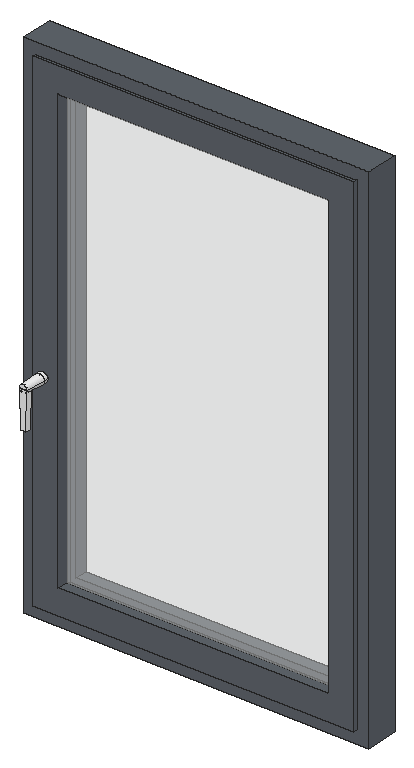
Revit family "Wicline_95_Open_in_standard_single_casement", category Windows, host Wall, Revit 2014
Parameters
  Youtube clip = ""
  Window Offset = 60 mm
  Weight Net (Kg) = 0
  Watertightness = "E900"
  Uniclass 2015 Name = ""
  Uniclass 2015 Code = ""
  Uniclass 2.0 Description = ""
  Uniclass 2.0 Code = ""
  Uniclass 1.4 Description = ""
  Uniclass 1.4 Code = ""
  URL = "http://www.wicona.com"
  UNSPSC Code = ""
  U-value W/m²k = "0.80 W/(m2K)"
  Technical description = ""
  Sash 1019112 = yes
  Sash 1019111 = no
  Sash 1019110 = not(or(Sash 1019111, Sash 1019112))  # no
  Resistance to wind load = "Class C5/B5"
  Repeated Opening/Closing = "Class 3 (20,000 cycles)"
  Region South America = "None"
  Region Oceania = "None"
  Region North America = "None"
  Region Middle East = "None"
  Region Europe = "AD, AL, AT, AX, BA, BE, BG, BY, CH, CS, CY, CZ, DE, DK, EE, ES, FI, FO, FR, GB, GG, GI, GR, HR, HU, IE, IM, IS, IT, JE, LI, LT, LU, LV, MC, MD, ME, MK, MT, NL, NO, PL, PT, RO, RS, RU, SE, SI, SJ, SK, SM, UA, VA, XK"
  Region Asia = "None"
  Region Antarctica = "None"
  Region Africa = "None"
  Quality Assurance = "Certified according to ISO 9001:2008"
  QR code = "http://bimobject.com/wicona/product/WICLINE_95_W"
  Product group = "Windows"
  Product family = "Windows & Doors"
  Product data url = "http://bimobject.com/wicona/product/WICLINE_95_W"
  Product certification = ""
  Product SKU = "WICLINE_95_W"
  Product Guid = "e95bb49c-67c8-4fe8-88fb-b6bba030be1f"
  Operating Forces = "Class 1"
  OmniClass Description = ""
  OmniClass Code = ""
  Nominal width = 100000
  Nominal height = 150000
  NBS Reference Description = ""
  NBS Reference Code = ""
  Model = "Wicline 95"
  Mechanical Strength = "Class 4"
  Maximum Sash Weight = "150kg as standard design, heavier weights can easily be customised"
  Material secondary = "Glass"
  Material main = "Aluminium"
  Manufacturer name = "Wicona"
  Manufacturer country = "Germany"
  Manufacturer = "Wicona"
  Leaf Width = Width - 2 * Frame Width 2  # 920.4 mm
  Leaf Material = WICONA - Aluminium - RAL7016 - Anthracite Grey - Matt
  Leaf Height = Height - 2 * Frame Width 2  # 1420.4 mm
  Installation instructions = ""
  IFC Classification = ""
  Height = 1500 mm
  Handle Material = Aluminium
  Glass Material = WICONA -  Glass
  Frame Width 2 = Frame Width - 25.2 mm  # 39.8 mm
  Frame Width = if(Frame 1019006, 85 mm, 65 mm)  # 65 mm
  Frame Thickness = 95 mm
  Frame Material = WICONA - Aluminium - RAL7016 - Anthracite Grey - Matt
  Frame 1019010 = no
  Frame 1019006 = no
  Frame 1019004 = not(or(Frame 1019006, Frame 1019010))  # yes
  Edition number = 1
  EAN code = ""
  Design country = "Germany"
  Description = "The WICLINE 95 window system meets the highest energy efficiency standards with a frame depth of only 95 mm and a slim sightline of only 125 mm. The Thermo Frame insulation zone for WICLINE 95 is located inside the rebate area of the window and can be fabricated and installed quickly and easily through an intelligent clamping system. This feature allows adjustment of the Uf-value as required for the building. The main components of the WICLINE 65 and 75 series are used for WICLINE 95 in line with the WICONA Unysis principle to simplify ordering and minimize stock keeping. The new ETC Intelligence® thermal break zone through its intelligent material mix achieves passive house class phB and removes the need for foam inserts in the sash or frame profile."
  Default Sill Height = 800 mm
  Wall Closure = By host
  Width = 1000 mm
  Date of publishing = "3/14/2015"
  COBIe Type Category = ""
  BIMobject category = ""
  Analytic Construction = "<None>"
  Air Permeability = "Class 5"
  Acoustic = "Rw (C;Ctr) = 47 (-1;-4) dB"
Reference planes
  plane 1 "Center (Front/Back)": y = 0
  plane 2 "Center (Left/Right)": x = 0
  plane 3 "Left": x = -500
  plane 4 "Right": x = 500
  plane 5 "Sill": z = 800
  plane 6 "Head": z = 2300
  plane 7 "Exterior": y = 100
  plane 8 "Interior": y = -100
  plane 9 "alap": y = 40
  plane 10: y = -55
  plane 11: x = -460.2
  plane 12: x = -435
  plane 13: z = 2260.2
  plane 14: x = 435
Forms (mm)
  Sweep 1, solid, material "WICONA - Aluminium - RAL7016 - Anthracite Grey - Matt" <- "Frame Material", detail levels medium+fine
    path in 3D
      loop
        line (-500, -100, 2300) -> (500, -100, 2300) -> (500, -100, 800) -> (-500, -100, 800) -> (-500, -100, 2300)
    profile origin (-500, -100, 1550) x (0, -1, 0) y (1, 0, 0)
      loop
        line (-140, 0) -> (-45, 0) -> (-45, 39.8) -> (-135.5, 39.8) -> (-135.5, 65) -> (-140, 65) -> (-140, 0)
Lines and regions (mm)
  Opening 1
    outline origin (3500, -100, 0) x (1, 0, 0) y (0, 0, 1)
      loop
        line (-3000, 800) -> (-3000, 2300) -> (-4000, 2300) -> (-4000, 800) -> (-3000, 800)
  sketch lines
    curve 1: line (-500, -100, 800) -> (-500, -100, 2300)
    curve 2: line (-500, -100, 2300) -> (500, -100, 2300)
    curve 3: line (500, -100, 2300) -> (500, -100, 800)
    curve 4: line (500, -100, 800) -> (-500, -100, 800)
  symbolic lines, style "Windows", detail levels coarse
    curve 5: line (-435, 100, 0) -> (-435, -100, 0)
    curve 6: line (435, 100, 0) -> (435, -100, 0)
    curve 7: line (-435, -55, 0) -> (435, -55, 0)
    curve 8: line (-435, 40, 0) -> (435, 40, 0)
Text (mm)
  text "EXTERIOR" at (-1963.203, 1332.353, 0), in view "Ref. Level"
  text "INTERIOR" at (-1981.466, -818.386, 0), in view "Ref. Level"
  text "Exterior" at (0, 923.751, 2943.296), in view "Right"
  text "Exterior" at (0, 1040.484, 2685.409), in view "Left"
Dimensions and locks
  equal spacing: plane 3 "Left", plane 2 "Center (Left/Right)", plane 4 "Right"
  "Width": plane 3 "Left" to plane 4 "Right"
  "Height": plane 5 "Sill" to plane 6 "Head"
  "Default Sill Height": plane 5 "Sill" to level
  locked: plane 7 "Exterior" to host wall at 0
  locked: plane 8 "Interior" to host wall
  "Frame Thickness": plane 9 "alap" to plane 10
  "Frame Width": plane 3 "Left" to plane 12
  "Frame Width 2": plane 3 "Left" to plane 11
  "Window Offset": host wall to plane 9 "alap"
  "Frame Width": plane 14 to plane 4 "Right"
  "Frame Width 2": plane 13 to plane 6 "Head"
  aligned and locked: profile plane to Sweep 1 sketch curve
  aligned and locked: Sweep 1 sketch curve to plane 11
  aligned and locked: Sweep 1 sketch curve to plane 12
  aligned and locked: Sweep 1 sketch curve to plane 9 "alap"
  aligned and locked: plane 10 to Sweep 1 sketch curve
  aligned and locked: plane 14 to curve 7
  aligned and locked: curve 7 to plane 10
  aligned and locked: plane 14 to curve 8
  aligned and locked: curve 8 to plane 9 "alap"
  aligned and locked: nested 1 to plane 9 "alap"
  aligned and locked: nested 1 to plane 3 "Left"
  aligned and locked: nested 2 to plane 4 "Right"
  aligned and locked: plane 9 "alap" to nested 2
  aligned and locked: nested 3 to plane 9 "alap"
  aligned and locked: nested 3 to plane 3 "Left"
  aligned and locked: curve 5 to plane 12
  aligned and locked: nested 4 to plane 4 "Right"
  aligned and locked: plane 9 "alap" to nested 4
  aligned and locked: nested 5 to plane 9 "alap"
  aligned and locked: nested 5 to plane 3 "Left"
  aligned and locked: nested 6 to plane 4 "Right"
  aligned and locked: plane 9 "alap" to nested 6
  aligned and locked: plane 9 "alap" to nested 8
  aligned and locked: nested 8 to plane 6 "Head"
  aligned and locked: nested 7 to plane 5 "Sill"
  aligned and locked: nested 7 to plane 9 "alap"
  aligned and locked: nested 9 to plane 9 "alap"
  aligned and locked: nested 9 to plane 5 "Sill"
  aligned and locked: nested 11 to plane 9 "alap"
  aligned and locked: nested 11 to plane 5 "Sill"
  aligned and locked: nested 12 to plane 6 "Head"
  aligned and locked: plane 9 "alap" to nested 12
  aligned and locked: nested 10 to plane 6 "Head"
  aligned and locked: plane 9 "alap" to nested 10
  aligned and locked: nested 13 to plane 10
  aligned and locked: plane 13 to nested 13
  aligned and locked: plane 11 to nested 13
Automatic sketch dimensions
  Opening 1 sketch curve to plane 3 "Left" = 0 mm
  Opening 1 sketch curve to plane 4 "Right" = 0 mm
  Opening 1 sketch curve to plane 5 "Sill" = 0 mm
  Opening 1 sketch curve to plane 6 "Head" = 0 mm
  host wall to curve 5 = 0 mm
  host wall to curve 6 = 0 mm
  curve 6 to plane 14 = 0 mm
  curve 6 to host wall = 0 mm
  curve 5 to host wall = 0 mm
  Sweep 1 sketch curve to Sweep 1 sketch curve = 4.5 mm
  curve 8 to plane 12 = 0 mm
  curve 7 to plane 12 = 0 mm
Nested families
  nested 1: "Frame_1019004" at (-500, 40, 0), visible <- "Frame 1019004", type "Frame_1019004"
  nested 2: "Frame_1019004" at (500, 40, 0) x (-1, 0, 0) z (0, 0, 1), visible <- "Frame 1019004", type "Frame_1019004"
  nested 3: "Frame_1019006" at (-500, 40, 0), visible <- "Frame 1019006", type "Frame_1019006"
  nested 4: "Frame_1019006" at (500, 40, 0) x (-1, 0, 0) z (0, 0, 1), visible <- "Frame 1019006", type "Frame_1019006"
  nested 5: "Frame_1019010" at (-500, 40, 0), visible <- "Frame 1019010", type "Frame_1019010"
  nested 6: "Frame_1019010" at (500, 40, 0) x (-1, 0, 0) z (0, 0, 1), visible <- "Frame 1019010", type "Frame_1019010"
  nested 7: "Frame_1019004" at (-500, 40, 800) x (0, 0, 1) z (-1, 0, 0), visible <- "Frame 1019004", type "Frame_1019004"
  nested 8: "Frame_1019004" at (-500, 40, 2300) x (0, 0, -1) z (-1, 0, 0), visible <- "Frame 1019004", type "Frame_1019004"
  nested 9: "Frame_1019006" at (-500, 40, 800) x (0, 0, 1) z (-1, 0, 0), visible <- "Frame 1019006", type "Frame_1019006"
  nested 10: "Frame_1019006" at (-500, 40, 2300) x (0, 0, -1) z (-1, 0, 0), visible <- "Frame 1019006", type "Frame_1019006"
  nested 11: "Frame_1019010" at (-500, 40, 800) x (0, 0, 1) z (-1, 0, 0), visible <- "Frame 1019010", type "Frame_1019010"
  nested 12: "Frame_1019010" at (-500, 40, 2300) x (0, 0, -1) z (-1, 0, 0), visible <- "Frame 1019010", type "Frame_1019010"
  nested 13: "Leaf_Wicline95_vent_1019110_11_12" at (-460.2, -55, 839.8), type "Leaf_Wicline95_vent_1019110_11_12"
    with Leaf Width 920.4 mm, Leaf Height 1420.4 mm
Definition of nested family "Leaf_Wicline95_vent_1019110_11_12"
  Parameters (values of type "Leaf_Wicline95_vent_1019110_11_12")
    Sash 1019112 = yes
    Sash 1019111 = no
    Sash 1019110 = no
    Leaf Width = 904 mm
    Leaf Material = Aluminium
    Leaf Height = 1404 mm
    Internal Section Width = if(Sash 1019110, 20 mm, if(Sash 1019111, 20 mm, 10 mm))  # 10 mm
    Handle Material = Aluminium
    Glass Offset = 45 mm
    Glass Material = none
    Glass Beginning = if(Sash 1019111, 12 mm, 22 mm)  # 22 mm
    Glass 48 = or(Sash 1019111)  # no
    Glass 38 = or(Sash 1019110, Sash 1019112)  # yes
  Reference planes
    plane 1 "Center (Front/Back)": y = 0
    plane 2: z = 0
    plane 3 "Center (Left/Right)": x = 0
    plane 4: x = 904
    plane 5: z = 1404
    plane 6: x = 45
    plane 7: x = 859
    plane 8: z = 1359
    plane 9: z = 45
    plane 10: y = 95
    plane 11: x = 60
    plane 12: z = 600
    plane 13: x = 22.5
    plane 14: y = -10
    plane 15 "glass": y = 22
  Forms (mm)
    Sweep 1, solid, material "Aluminium" <- "Leaf Material"
      path origin (0, 0, 0) x (1, 0, 0) y (0, 0, 1)
        loop
          line (0, 0) -> (904, 0) -> (904, 1404) -> (0, 1404) -> (0, 0)
      profile origin (0, 0, 702) x (-1, 0, 0) y (0, -1, 0)
        loop
          line (5, 10) -> (-67.4, 10) -> (-67.4, -22) -> (-45, -22) -> (-45, -59.447) -> (-62.4, -59.447) -> (-62.4, -95) -> (-31, -95) -> (-31, -90.5) -> (-2.55, -90.5) -> (-2.55, -73.2) -> (-16.5, -73.2) -> (-16.5, 0) -> (5, 0) -> (5, 10)
    Extrusion 2, solid, material <- "Glass Material", detail levels medium+fine
      sketch origin (0, 0, 0) x (1, 0, 0) y (0, 0, 1)
        loop
          line (45, 1359) -> (45, 45) -> (859, 45) -> (859, 1359) -> (45, 1359)
      from -59.447 to -22
  Lines and regions (mm)
    symbolic lines, style "GenericModel", detail levels medium+fine
      curve 1: line (62.4, 95, 0) -> (841.6, 95, 0)
      curve 2: line (67.4, -10, 0) -> (836.6, -10, 0)
      curve 3: line (0, -10, 1359) -> (0, -10, 45)
      curve 4: line (0, 95, 1359) -> (0, 95, 45)
      curve 5: line (0, 59.447, 1359) -> (0, 59.447, 45)
  Dimensions and locks
    "Leaf Width": plane 3 "Center (Left/Right)" to plane 4
    "Leaf Height": plane 5 to level
    "Glass Offset": plane 3 "Center (Left/Right)" to plane 6
    "Glass Offset": plane 7 to plane 4
    "Glass Offset": plane 5 to plane 8
    "Glass Offset": plane 9 to level
    plane 10 to plane 1 "Center (Front/Back)" = 95 mm
    locked: plane 6 to plane 11 at 15
    equal spacing: plane 6, plane 13, plane 3 "Center (Left/Right)"
    level to plane 12 = 600 mm
    "Internal Section Width": plane 14 to plane 1 "Center (Front/Back)"
    "Glass Beginning": plane 15 "glass" to plane 1 "Center (Front/Back)"
    aligned and locked: level to plane 2
    aligned and locked: plane 8 to Extrusion 2
    aligned and locked: Extrusion 2 to plane 9
    aligned and locked: Extrusion 2 to plane 6
    aligned and locked: plane 7 to Extrusion 2
    aligned and locked: Extrusion 2 to Sweep 1  (x2)
    aligned and locked: Sweep 1 to curve 1
    aligned and locked: curve 1 to Sweep 1  (x2)
    aligned and locked: Sweep 1 to curve 2  (x2)
    aligned and locked: curve 2 to Sweep 1
    aligned and locked: plane 8 to curve 3
    aligned and locked: plane 8 to curve 4
    aligned and locked: plane 9 to curve 3
    aligned and locked: plane 9 to curve 4
    aligned and locked: Sweep 1 to curve 3
    aligned and locked: curve 4 to Sweep 1
    aligned and locked: plane 8 to curve 5
    aligned and locked: plane 9 to curve 5
    aligned and locked: curve 5 to Extrusion 2
    aligned and locked: nested 1 to plane 13
    aligned and locked: plane 12 to nested 1
    aligned and locked: plane 1 "Center (Front/Back)" to nested 2
    aligned and locked: plane 3 "Center (Left/Right)" to nested 2
    aligned and locked: nested 3 to plane 1 "Center (Front/Back)"
    aligned and locked: plane 4 to nested 3
    aligned and locked: plane 3 "Center (Left/Right)" to nested 4
    aligned and locked: plane 1 "Center (Front/Back)" to nested 4
    aligned and locked: plane 4 to nested 5
    aligned and locked: nested 5 to plane 1 "Center (Front/Back)"
    aligned and locked: plane 3 "Center (Left/Right)" to nested 6
    aligned and locked: plane 1 "Center (Front/Back)" to nested 6
    aligned and locked: plane 4 to nested 7
    aligned and locked: nested 7 to plane 1 "Center (Front/Back)"
    aligned and locked: plane 1 "Center (Front/Back)" to nested 8
    aligned and locked: nested 8 to plane 5
    aligned and locked: nested 9 to plane 2
    aligned and locked: nested 9 to plane 1 "Center (Front/Back)"
    aligned and locked: nested 10 to plane 5
    aligned and locked: plane 1 "Center (Front/Back)" to nested 10
    aligned and locked: nested 11 to plane 2
    aligned and locked: nested 11 to plane 1 "Center (Front/Back)"
    aligned and locked: nested 12 to plane 5
    aligned and locked: plane 1 "Center (Front/Back)" to nested 12
    aligned and locked: nested 13 to plane 2
    aligned and locked: nested 13 to plane 1 "Center (Front/Back)"
    aligned and locked: nested 1 to plane 14
    aligned and locked: plane 14 to Sweep 1 sketch curve
    aligned and locked: Sweep 1 sketch curve to plane 15 "glass"
    aligned and locked: plane 6 to nested 14
    aligned and locked: plane 7 to nested 14
    aligned and locked: nested 14 to plane 15 "glass"
    aligned and locked: plane 6 to nested 15
    aligned and locked: plane 7 to nested 15
    aligned and locked: nested 15 to plane 15 "glass"
    aligned and locked: nested 16 to plane 8
    aligned and locked: nested 17 to plane 8
    aligned and locked: nested 17 to plane 9
    aligned and locked: nested 16 to plane 9
    aligned and locked: plane 15 "glass" to nested 17
    aligned and locked: plane 15 "glass" to nested 16
    aligned and locked: Sweep 1 sketch curve to plane 6
  Automatic sketch dimensions
    Sweep 1 sketch curve to plane 3 "Center (Left/Right)" = 0 mm
    Sweep 1 sketch curve to level = 0 mm
    Sweep 1 sketch curve to plane 4 = 0 mm
    Sweep 1 sketch curve to plane 5 = 0 mm
    Extrusion 2 sketch curve to plane 6 = 0 mm
    Extrusion 2 sketch curve to plane 7 = 0 mm
    Extrusion 2 sketch curve to plane 9 = 0 mm
    Extrusion 2 sketch curve to plane 8 = 0 mm
    plane 1 "Center (Front/Back)" to Sweep 1 sketch curve = 0 mm
    Sweep 1 sketch curve to Sweep 1 sketch curve = 5 mm
    Sweep 1 sketch curve to Sweep 1 sketch curve = 17.4 mm
    profile plane to Sweep 1 sketch curve = 16.5 mm
    profile plane to Sweep 1 sketch curve = 2.55 mm
    Sweep 1 sketch curve to profile plane = 5 mm
    Sweep 1 sketch curve to Sweep 1 sketch curve = 37.447 mm
    Sweep 1 sketch curve to Sweep 1 sketch curve = 13.753 mm
    Sweep 1 sketch curve to Sweep 1 sketch curve = 17.3 mm
    Sweep 1 sketch curve to Sweep 1 sketch curve = 4.5 mm
    Sweep 1 sketch curve to Sweep 1 sketch curve = 14.5 mm
  Nested families
    nested 1: "Handle_75_top" at (22.5, -10, 600), type "Handle_75_top", detail levels medium+fine
    nested 2: "Sash_1019110" at (0, 0, 0), visible <- "Sash 1019110", type "Sash_1019110"
    nested 3: "Sash_1019110" at (904, 0, 0) x (-1, 0, 0) z (0, 0, 1), visible <- "Sash 1019110", type "Sash_1019110"
    nested 4: "Sash_1019111" at (0, 0, 0), visible <- "Sash 1019111", type "Sash_1019111"
    nested 5: "Sash_1019111" at (904, 0, 0) x (-1, 0, 0) z (0, 0, 1), visible <- "Sash 1019111", type "Sash_1019111"
    nested 6: "Sash_1019112" at (0, 0, 0), visible <- "Sash 1019112", type "Sash_1019112"
    nested 7: "Sash_1019112" at (904, 0, 0) x (-1, 0, 0) z (0, 0, 1), visible <- "Sash 1019112", type "Sash_1019112"
    nested 8: "Sash_1019110" at (0, 0, 1404) x (0, 0, -1) z (1, 0, 0), visible <- "Sash 1019110", type "Sash_1019110"
    nested 9: "Sash_1019110" at (0, 0, 0) x (0, 0, 1) z (1, 0, 0), visible <- "Sash 1019110", type "Sash_1019110"
    nested 10: "Sash_1019111" at (0, 0, 1404) x (0, 0, -1) z (1, 0, 0), visible <- "Sash 1019111", type "Sash_1019111"
    nested 11: "Sash_1019111" at (0, 0, 0) x (0, 0, 1) z (1, 0, 0), visible <- "Sash 1019111", type "Sash_1019111"
    nested 12: "Sash_1019112" at (0, 0, 1404) x (0, 0, -1) z (1, 0, 0), visible <- "Sash 1019112", type "Sash_1019112"
    nested 13: "Sash_1019112" at (0, 0, 0) x (0, 0, 1) z (1, 0, 0), visible <- "Sash 1019112", type "Sash_1019112"
    nested 14: "window_3_pieces_glass_line" at (45, 22, 0), visible <- "Glass 48", type "T48"
      with built-in parameter 1001306 2.6706 (stored number, unit not read)
    nested 15: "window_3_pieces_glass_line" at (45, 22, 0), visible <- "Glass 38", type "T38"
      with built-in parameter 1001306 2.6706 (stored number, unit not read)
    nested 16: "window_3_pieces_glass_line" at (0, 22, 1359) x (0, 0, -1) z (1, 0, 0), visible <- "Glass 38", type "T38"
      with built-in parameter 1001306 4.311 (stored number, unit not read)
    nested 17: "window_3_pieces_glass_line" at (0, 22, 1359) x (0, 0, -1) z (1, 0, 0), visible <- "Glass 48", type "T48"
      with built-in parameter 1001306 4.311 (stored number, unit not read)
  Definition of nested family "Handle_75_top"
    Parameters (values of type "Handle_75_top")
      Handle Material = Aluminium
    Reference planes
      plane 1 "Center (Front/Back)": y = 0
      plane 2: z = 0
      plane 3 "Center (Left/Right)": x = 0
    Forms (mm)
      Extrusion 1, solid, material "Aluminium" <- "Handle Material"
        sketch origin (0, 100.421, 16.65) x (1, 0, 0) y (0, 0, -1)
          loop
            circle (0, 16.618) r 14.3
        from -100.421 to -113.121
      Blend 2, solid, material "Aluminium" <- "Handle Material"
        base sketch origin (0, 0, 0) x (1, 0, 0) y (0, 0, 1)
          loop
            circle (0, 0) r 14.3
        top sketch origin (0, 0, 0) x (1, 0, 0) y (0, 0, 1)
          loop
            circle (0, 0) r 10.5
        from 12.7 to 69.017
      Blend 3, solid, material "Aluminium" <- "Handle Material"
        base sketch origin (0.064, 0, 0) x (1, 0, 0) y (0, 1, 0)
          loop
            line (10.349, -56.048) -> (-10.478, -56.048) -> (-10.478, -69.025) -> (10.349, -69.025) -> (10.349, -56.048)
        top sketch origin (0.064, 0, 0) x (1, 0, 0) y (0, 1, 0)
          loop
            line (6.985, -56.048) -> (-6.952, -56.048) -> (-6.952, -69.017) -> (6.985, -69.017) -> (6.985, -56.048)
        from 0 to -110
    Dimensions and locks
      aligned and locked: level to plane 2
      aligned and locked: Extrusion 1 to plane 1 "Center (Front/Back)"
  Definition of nested family "Sash_1019110"
    Reference planes
      plane 1 "Center (Front/Back)": y = 0
      plane 2: z = 0
      plane 3 "Center (Left/Right)": x = 0
      plane 4: y = 95
      plane 5: y = -20
      plane 6: x = -5
    Lines and regions (mm)
      Filled region 1, type "Concrete", in view "Ref. Level", detail levels medium
        outline origin (0, 75, 0) x (1, 0, 0) y (0, 1, 0)
          loop
            line (31, 20) -> (31, 15.5) -> (2.55, 15.5) -> (2.55, -1.8) -> (16.5, -1.8) -> (16.5, -75) -> (-5, -75) -> (-5, -95) -> (65, -95) -> (65, -52.762) -> (45, -52.762) -> (45, -15.553) -> (60, -15.553) -> (60, 20) -> (31, 20)
      detail lines, style "CENT3", in view "Ref. Level", not visible
        curve 1: line (411.053, 303.816, 0) -> (411.053, 245.816, 0)
      detail lines, style "GLAS", in view "Ref. Level", not visible
        curve 2: line (371.053, 298.816, 0) -> (411.053, 298.816, 0)
        curve 3: line (411.053, 298.816, 0) -> (411.053, 293.816, 0)
        curve 4: line (411.053, 293.816, 0) -> (371.053, 293.816, 0)
        curve 5: line (371.053, 293.816, 0) -> (371.053, 298.816, 0)
        curve 6: line (371.053, 277.816, 0) -> (411.053, 277.816, 0)
        curve 7: line (411.053, 277.816, 0) -> (411.053, 272.816, 0)
        curve 8: line (411.053, 272.816, 0) -> (371.053, 272.816, 0)
        curve 9: line (371.053, 272.816, 0) -> (371.053, 277.816, 0)
        curve 10: line (371.053, 256.816, 0) -> (411.053, 256.816, 0)
        curve 11: line (411.053, 256.816, 0) -> (411.053, 250.816, 0)
        curve 12: line (411.053, 250.816, 0) -> (371.053, 250.816, 0)
        curve 13: line (371.053, 250.816, 0) -> (371.053, 256.816, 0)
        curve 14: line (371.053, 297.816, 0) -> (411.053, 297.816, 0)
        curve 15: line (371.053, 296.816, 0) -> (411.053, 296.816, 0)
        curve 16: line (371.053, 295.816, 0) -> (411.053, 295.816, 0)
        curve 17: line (371.053, 294.816, 0) -> (411.053, 294.816, 0)
        curve 18: line (371.053, 293.816, 0) -> (411.053, 293.816, 0)
        curve 19: line (381.053, 293.816, 0) -> (381.053, 277.816, 0)
        curve 20: line (371.053, 277.816, 0) -> (411.053, 277.816, 0)
        curve 21: line (371.053, 276.816, 0) -> (411.053, 276.816, 0)
        curve 22: line (371.053, 275.816, 0) -> (411.053, 275.816, 0)
        curve 23: line (371.053, 274.816, 0) -> (411.053, 274.816, 0)
        curve 24: line (371.053, 273.816, 0) -> (411.053, 273.816, 0)
        curve 25: line (371.053, 272.816, 0) -> (411.053, 272.816, 0)
        curve 26: line (381.053, 272.816, 0) -> (381.053, 256.816, 0)
        curve 27: line (371.053, 256.816, 0) -> (411.053, 256.816, 0)
        curve 28: line (371.053, 255.816, 0) -> (411.053, 255.816, 0)
        curve 29: line (371.053, 254.816, 0) -> (411.053, 254.816, 0)
        curve 30: line (371.053, 253.816, 0) -> (411.053, 253.816, 0)
        curve 31: line (371.053, 252.816, 0) -> (411.053, 252.816, 0)
        curve 32: line (371.053, 251.816, 0) -> (411.053, 251.816, 0)
        curve 33: line (411.053, 298.816, 0) -> (371.053, 298.816, 0)
        curve 34: line (371.053, 298.816, 0) -> (371.053, 250.816, 0)
        curve 35: line (371.053, 250.816, 0) -> (411.053, 250.816, 0)
      detail lines, style "GLAS", in view "Ref. Level", not visible, detail levels fine
        curve 36: line (381.053, 293.816, 0) -> (381.053, 277.816, 0)
        curve 37: line (381.053, 272.816, 0) -> (381.053, 256.816, 0)
        curve 38: line (411.053, 298.816, 0) -> (371.053, 298.816, 0)
        curve 39: line (371.053, 298.816, 0) -> (371.053, 250.816, 0)
        curve 40: line (371.053, 250.816, 0) -> (411.053, 250.816, 0)
        curve 41: line (371.053, 298.816, 0) -> (411.053, 298.816, 0)
        curve 42: line (411.053, 250.816, 0) -> (371.053, 250.816, 0)
        curve 43: line (381.053, 256.37, 0) -> (381.053, 272.37, 0)
        curve 44: line (381.053, 277.37, 0) -> (381.053, 293.37, 0)
        curve 45: line (411.053, 251.37, 0) -> (371.053, 251.37, 0)
        curve 46: line (371.053, 251.37, 0) -> (371.053, 299.37, 0)
        curve 47: line (371.053, 299.37, 0) -> (411.053, 299.37, 0)
        curve 48: line (371.053, 251.37, 0) -> (411.053, 251.37, 0)
        curve 49: line (411.053, 299.37, 0) -> (371.053, 299.37, 0)
      model lines, style "DetailComponents", in view "Ref. Level", detail levels fine
        curve 50: line (45, 59.447, 0) -> (45, 22.238, 0)
    Dimensions and locks
      plane 6 to plane 3 "Center (Left/Right)" = 5 mm
      plane 1 "Center (Front/Back)" to plane 5 = 20 mm
      plane 4 to plane 5 = 115 mm
  Definition of nested family "Sash_1019111"
    Reference planes
      plane 1 "Center (Front/Back)": y = 0
      plane 2: z = 0
      plane 3 "Center (Left/Right)": x = 0
      plane 4: y = 95
      plane 5: y = -20
      plane 6: x = -5
    Lines and regions (mm)
      Filled region 1, type "Concrete", in view "Ref. Level", detail levels medium
        outline origin (0, 75, 0) x (1, 0, 0) y (0, 1, 0)
          loop
            line (31, 20) -> (31, 15.5) -> (2.55, 15.5) -> (2.55, -1.8) -> (16.5, -1.8) -> (16.5, -75) -> (-5, -75) -> (-5, -95) -> (65, -95) -> (65, -62.969) -> (45, -62.969) -> (45, -15.553) -> (60, -15.553) -> (60, 20) -> (31, 20)
      detail lines, style "CENT3", in view "Ref. Level", not visible
        curve 1: line (411.053, 303.816, 0) -> (411.053, 245.816, 0)
      detail lines, style "GLAS", in view "Ref. Level", not visible
        curve 2: line (371.053, 298.816, 0) -> (411.053, 298.816, 0)
        curve 3: line (411.053, 298.816, 0) -> (411.053, 293.816, 0)
        curve 4: line (411.053, 293.816, 0) -> (371.053, 293.816, 0)
        curve 5: line (371.053, 293.816, 0) -> (371.053, 298.816, 0)
        curve 6: line (371.053, 277.816, 0) -> (411.053, 277.816, 0)
        curve 7: line (411.053, 277.816, 0) -> (411.053, 272.816, 0)
        curve 8: line (411.053, 272.816, 0) -> (371.053, 272.816, 0)
        curve 9: line (371.053, 272.816, 0) -> (371.053, 277.816, 0)
        curve 10: line (371.053, 256.816, 0) -> (411.053, 256.816, 0)
        curve 11: line (411.053, 256.816, 0) -> (411.053, 250.816, 0)
        curve 12: line (411.053, 250.816, 0) -> (371.053, 250.816, 0)
        curve 13: line (371.053, 250.816, 0) -> (371.053, 256.816, 0)
        curve 14: line (371.053, 297.816, 0) -> (411.053, 297.816, 0)
        curve 15: line (371.053, 296.816, 0) -> (411.053, 296.816, 0)
        curve 16: line (371.053, 295.816, 0) -> (411.053, 295.816, 0)
        curve 17: line (371.053, 294.816, 0) -> (411.053, 294.816, 0)
        curve 18: line (371.053, 293.816, 0) -> (411.053, 293.816, 0)
        curve 19: line (381.053, 293.816, 0) -> (381.053, 277.816, 0)
        curve 20: line (371.053, 277.816, 0) -> (411.053, 277.816, 0)
        curve 21: line (371.053, 276.816, 0) -> (411.053, 276.816, 0)
        curve 22: line (371.053, 275.816, 0) -> (411.053, 275.816, 0)
        curve 23: line (371.053, 274.816, 0) -> (411.053, 274.816, 0)
        curve 24: line (371.053, 273.816, 0) -> (411.053, 273.816, 0)
        curve 25: line (371.053, 272.816, 0) -> (411.053, 272.816, 0)
        curve 26: line (381.053, 272.816, 0) -> (381.053, 256.816, 0)
        curve 27: line (371.053, 256.816, 0) -> (411.053, 256.816, 0)
        curve 28: line (371.053, 255.816, 0) -> (411.053, 255.816, 0)
        curve 29: line (371.053, 254.816, 0) -> (411.053, 254.816, 0)
        curve 30: line (371.053, 253.816, 0) -> (411.053, 253.816, 0)
        curve 31: line (371.053, 252.816, 0) -> (411.053, 252.816, 0)
        curve 32: line (371.053, 251.816, 0) -> (411.053, 251.816, 0)
        curve 33: line (411.053, 298.816, 0) -> (371.053, 298.816, 0)
        curve 34: line (371.053, 298.816, 0) -> (371.053, 250.816, 0)
        curve 35: line (371.053, 250.816, 0) -> (411.053, 250.816, 0)
      detail lines, style "GLAS", in view "Ref. Level", not visible, detail levels fine
        curve 36: line (381.053, 293.816, 0) -> (381.053, 277.816, 0)
        curve 37: line (381.053, 272.816, 0) -> (381.053, 256.816, 0)
        curve 38: line (411.053, 298.816, 0) -> (371.053, 298.816, 0)
        curve 39: line (371.053, 298.816, 0) -> (371.053, 250.816, 0)
        curve 40: line (371.053, 250.816, 0) -> (411.053, 250.816, 0)
        curve 41: line (371.053, 298.816, 0) -> (411.053, 298.816, 0)
        curve 42: line (411.053, 250.816, 0) -> (371.053, 250.816, 0)
        curve 43: line (381.053, 256.37, 0) -> (381.053, 272.37, 0)
        curve 44: line (381.053, 277.37, 0) -> (381.053, 293.37, 0)
        curve 45: line (411.053, 251.37, 0) -> (371.053, 251.37, 0)
        curve 46: line (371.053, 251.37, 0) -> (371.053, 299.37, 0)
        curve 47: line (371.053, 299.37, 0) -> (411.053, 299.37, 0)
        curve 48: line (371.053, 251.37, 0) -> (411.053, 251.37, 0)
        curve 49: line (411.053, 299.37, 0) -> (371.053, 299.37, 0)
      model lines, style "DetailComponents", in view "Ref. Level", detail levels fine
        curve 50: line (45, 59.447, 0) -> (45, 12.031, 0)
    Dimensions and locks
      plane 6 to plane 3 "Center (Left/Right)" = 5 mm
      plane 1 "Center (Front/Back)" to plane 5 = 20 mm
      plane 4 to plane 5 = 115 mm
  Definition of nested family "Sash_1019112"
    Reference planes
      plane 1 "Center (Front/Back)": y = 0
      plane 2: z = 0
      plane 3 "Center (Left/Right)": x = 0
      plane 4: y = 95
      plane 5: y = -20
      plane 6: x = -5
    Lines and regions (mm)
      Filled region 1, type "Concrete", in view "Ref. Level", detail levels medium
        outline origin (0, 75, 0) x (1, 0, 0) y (0, 1, 0)
          loop
            line (31, 20) -> (31, 15.5) -> (2.55, 15.5) -> (2.55, -1.8) -> (16.5, -1.8) -> (16.5, -75) -> (-5, -75) -> (-5, -85) -> (65, -85) -> (65, -52.974) -> (45, -52.974) -> (45, -15.553) -> (60, -15.553) -> (60, 20) -> (31, 20)
      detail lines, style "CENT3", in view "Ref. Level", not visible
        curve 1: line (411.053, 303.816, 0) -> (411.053, 245.816, 0)
      detail lines, style "GLAS", in view "Ref. Level", not visible
        curve 2: line (371.053, 298.816, 0) -> (411.053, 298.816, 0)
        curve 3: line (411.053, 298.816, 0) -> (411.053, 293.816, 0)
        curve 4: line (411.053, 293.816, 0) -> (371.053, 293.816, 0)
        curve 5: line (371.053, 293.816, 0) -> (371.053, 298.816, 0)
        curve 6: line (371.053, 277.816, 0) -> (411.053, 277.816, 0)
        curve 7: line (411.053, 277.816, 0) -> (411.053, 272.816, 0)
        curve 8: line (411.053, 272.816, 0) -> (371.053, 272.816, 0)
        curve 9: line (371.053, 272.816, 0) -> (371.053, 277.816, 0)
        curve 10: line (371.053, 256.816, 0) -> (411.053, 256.816, 0)
        curve 11: line (411.053, 256.816, 0) -> (411.053, 250.816, 0)
        curve 12: line (411.053, 250.816, 0) -> (371.053, 250.816, 0)
        curve 13: line (371.053, 250.816, 0) -> (371.053, 256.816, 0)
        curve 14: line (371.053, 297.816, 0) -> (411.053, 297.816, 0)
        curve 15: line (371.053, 296.816, 0) -> (411.053, 296.816, 0)
        curve 16: line (371.053, 295.816, 0) -> (411.053, 295.816, 0)
        curve 17: line (371.053, 294.816, 0) -> (411.053, 294.816, 0)
        curve 18: line (371.053, 293.816, 0) -> (411.053, 293.816, 0)
        curve 19: line (381.053, 293.816, 0) -> (381.053, 277.816, 0)
        curve 20: line (371.053, 277.816, 0) -> (411.053, 277.816, 0)
        curve 21: line (371.053, 276.816, 0) -> (411.053, 276.816, 0)
        curve 22: line (371.053, 275.816, 0) -> (411.053, 275.816, 0)
        curve 23: line (371.053, 274.816, 0) -> (411.053, 274.816, 0)
        curve 24: line (371.053, 273.816, 0) -> (411.053, 273.816, 0)
        curve 25: line (371.053, 272.816, 0) -> (411.053, 272.816, 0)
        curve 26: line (381.053, 272.816, 0) -> (381.053, 256.816, 0)
        curve 27: line (371.053, 256.816, 0) -> (411.053, 256.816, 0)
        curve 28: line (371.053, 255.816, 0) -> (411.053, 255.816, 0)
        curve 29: line (371.053, 254.816, 0) -> (411.053, 254.816, 0)
        curve 30: line (371.053, 253.816, 0) -> (411.053, 253.816, 0)
        curve 31: line (371.053, 252.816, 0) -> (411.053, 252.816, 0)
        curve 32: line (371.053, 251.816, 0) -> (411.053, 251.816, 0)
        curve 33: line (411.053, 298.816, 0) -> (371.053, 298.816, 0)
        curve 34: line (371.053, 298.816, 0) -> (371.053, 250.816, 0)
        curve 35: line (371.053, 250.816, 0) -> (411.053, 250.816, 0)
      detail lines, style "GLAS", in view "Ref. Level", not visible, detail levels fine
        curve 36: line (381.053, 293.816, 0) -> (381.053, 277.816, 0)
        curve 37: line (381.053, 272.816, 0) -> (381.053, 256.816, 0)
        curve 38: line (411.053, 298.816, 0) -> (371.053, 298.816, 0)
        curve 39: line (371.053, 298.816, 0) -> (371.053, 250.816, 0)
        curve 40: line (371.053, 250.816, 0) -> (411.053, 250.816, 0)
        curve 41: line (371.053, 298.816, 0) -> (411.053, 298.816, 0)
        curve 42: line (411.053, 250.816, 0) -> (371.053, 250.816, 0)
        curve 43: line (381.053, 256.37, 0) -> (381.053, 272.37, 0)
        curve 44: line (381.053, 277.37, 0) -> (381.053, 293.37, 0)
        curve 45: line (411.053, 251.37, 0) -> (371.053, 251.37, 0)
        curve 46: line (371.053, 251.37, 0) -> (371.053, 299.37, 0)
        curve 47: line (371.053, 299.37, 0) -> (411.053, 299.37, 0)
        curve 48: line (371.053, 251.37, 0) -> (411.053, 251.37, 0)
        curve 49: line (411.053, 299.37, 0) -> (371.053, 299.37, 0)
      model lines, style "DetailComponents", in view "Ref. Level", detail levels fine
        curve 50: line (45, 59.447, 0) -> (45, 22.026, 0)
    Dimensions and locks
      plane 6 to plane 3 "Center (Left/Right)" = 5 mm
      plane 1 "Center (Front/Back)" to plane 5 = 20 mm
      plane 4 to plane 5 = 115 mm
  Definition of nested family "window_3_pieces_glass_line"
    Parameters (values of type "T48")
      v2 = 2.5 mm
      v1 = 6 mm
      line = 10 mm
      built-in parameter 1001306 [instance] = 1200 mm
      Glass Thickness = 48.1 mm
    Types (2, lengths in mm): name | Glass Thickness
      T48 | 48.1
      T38 | 38
    Reference planes
      plane 1 "Center (Front/Back)": y = 0
      plane 2: z = 0
      plane 3 "Left": x = 0
      plane 4 "Right": x = 1200
      plane 5: y = 24.05
      plane 6: y = 48.1
      plane 7: y = 6
      plane 8: y = 21.55
      plane 9: y = 26.55
      plane 10: y = 42.1
      plane 11: x = 10
      plane 12: x = 1190
    Lines and regions (mm)
      reference lines, in view "Ref. Level"
        curve 1: line (0, 0, 0) -> (1200, 0, 0)
      detail lines, in view "Ref. Level", detail levels medium+fine
        curve 2: line (0, 48.1, 0) -> (1200, 48.1, 0)
        curve 3: line (0, 0, 0) -> (1200, 0, 0)
      detail lines, in view "Ref. Level", detail levels fine
        curve 4: line (0, 42.1, 0) -> (1200, 42.1, 0)
        curve 5: line (0, 26.55, 0) -> (1200, 26.55, 0)
        curve 6: line (0, 21.55, 0) -> (1200, 21.55, 0)
        curve 7: line (0, 6, 0) -> (1200, 6, 0)
      model lines, style "DetailComponents", in view "Ref. Level", detail levels fine
        curve 8: line (10, 42.1, 0) -> (10, 26.55, 0)
        curve 9: line (10, 21.55, 0) -> (10, 6, 0)
        curve 11: line (1190, 42.1, 0) -> (1190, 26.55, 0)
      model lines, style "DetailComponents", in view "Ref. Level", detail levels medium
        curve 10: line (10, 48.1, 0) -> (10, 0, 0)
      detail lines, style "DetailComponents", in view "Ref. Level", detail levels fine
        curve 12: line (1190, 21.55, 0) -> (1190, 6, 0)
      detail lines, style "DetailComponents", in view "Ref. Level", detail levels medium
        curve 13: line (1190, 48.1, 0) -> (1190, 0, 0)
      model lines, style "DetailComponents", in view "Ref. Level", detail levels medium+fine
        curve 14: line (1200, 48.1, 0) -> (1200, 0, 0)
      detail lines, style "DetailComponents", in view "Ref. Level", detail levels medium+fine
        curve 15: line (0, 48.1, 0) -> (0, 0, 0)
    Dimensions and locks
      "built-in parameter 1001306": plane 3 "Left" to plane 4 "Right"
      "Glass Thickness": plane 6 to plane 1 "Center (Front/Back)"
      equal spacing: plane 6, plane 5, plane 1 "Center (Front/Back)"
      "v1": plane 6 to plane 10
      "v1": plane 7 to plane 1 "Center (Front/Back)"
      "v2": plane 9 to plane 5
      "v2": plane 5 to plane 8
      "line": plane 3 "Left" to plane 11
      "line": plane 12 to plane 4 "Right"
      aligned and locked: plane 1 "Center (Front/Back)" to curve 1
      aligned and locked: plane 3 "Left" to curve 1
      aligned and locked: plane 4 "Right" to curve 1
      aligned and locked: plane 6 to curve 2
      aligned and locked: plane 10 to curve 4
      aligned and locked: plane 7 to curve 7
      aligned and locked: plane 8 to curve 6
      aligned and locked: plane 9 to curve 5
      aligned and locked: curve 4 to curve 8
      aligned and locked: curve 5 to curve 8
      aligned and locked: curve 8 to plane 11
      aligned and locked: curve 7 to curve 9
      aligned and locked: curve 6 to curve 9
      aligned and locked: curve 9 to plane 11
      aligned and locked: curve 3 to curve 10
      aligned and locked: curve 2 to curve 10
      aligned and locked: curve 10 to plane 11
      aligned and locked: curve 4 to curve 11
      aligned and locked: curve 5 to curve 11
      aligned and locked: curve 11 to plane 12
      aligned and locked: curve 6 to curve 12
      aligned and locked: curve 7 to curve 12
      aligned and locked: curve 12 to plane 12
      aligned and locked: curve 2 to curve 13
      aligned and locked: curve 3 to curve 13
      aligned and locked: curve 13 to plane 12
      aligned and locked: plane 1 "Center (Front/Back)" to curve 15
      aligned and locked: curve 15 to plane 3 "Left"
      aligned and locked: curve 2 to curve 14
      aligned and locked: curve 3 to curve 14
      aligned and locked: curve 14 to plane 4 "Right"
    Automatic sketch dimensions
      curve 7 to plane 4 "Right" = 0 mm
      curve 4 to plane 4 "Right" = 0 mm
      curve 3 to plane 4 "Right" = 0 mm
      curve 2 to plane 4 "Right" = 0 mm
      curve 6 to plane 4 "Right" = 0 mm
      curve 5 to plane 4 "Right" = 0 mm
Definition of nested family "Frame_1019004"
  Reference planes
    plane 1 "Center (Front/Back)": y = 0
    plane 2: z = 0
    plane 3 "Center (Left/Right)": x = 0
  Lines and regions (mm)
    Filled region 1, type "Concrete", in view "Ref. Level", detail levels medium
      outline origin (0, 0, 0) x (1, 0, 0) y (0, 1, 0)
        loop
          line (0, 0) -> (0, -95) -> (40, -95) -> (40, -4.5) -> (65, -4.5) -> (65, 0) -> (0, 0)
Definition of nested family "Frame_1019006"
  Reference planes
    plane 1 "Center (Front/Back)": y = 0
    plane 2: z = 0
    plane 3 "Center (Left/Right)": x = 0
  Lines and regions (mm)
    Filled region 1, type "Concrete", in view "Ref. Level", detail levels medium
      outline origin (0, 0, 0) x (1, 0, 0) y (0, 1, 0)
        loop
          line (0, 0) -> (0, -95) -> (59.8, -95) -> (59.8, -4.5) -> (85, -4.5) -> (85, 0) -> (0, 0)
Definition of nested family "Frame_1019010"
  Reference planes
    plane 1 "Center (Front/Back)": y = 0
    plane 2: z = 0
    plane 3 "Center (Left/Right)": x = 0
  Lines and regions (mm)
    Filled region 1, type "Concrete", in view "Ref. Level", detail levels medium
      outline origin (0, 0, 0) x (1, 0, 0) y (0, 1, 0)
        loop
          line (0, 0) -> (0, -95) -> (40, -95) -> (40, -4.5) -> (65, -4.5) -> (65, 0) -> (0, 0)
